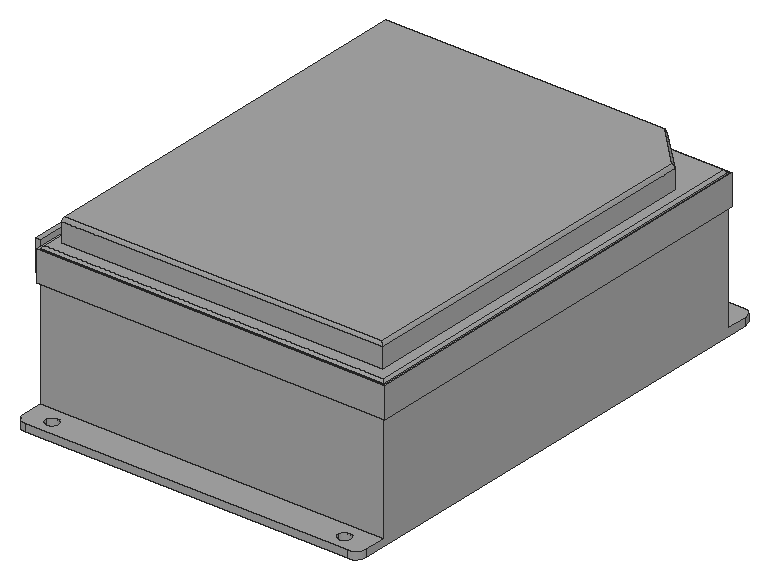
Revit family "WIR-GATEWAY3", category Communication Devices, host Face, Revit 2021
Family settings
  Host = Face
  Maintain Annotation Orientation = No
  Round Connector Dimension = Use Diameter
  Part Type = Normal
  OmniClass Number = 23.85.80.11.27
  OmniClass Title = Lighting Controls
  Cut with Voids When Loaded = No
  Shared = Yes
  Room Calculation Point = No
Parameters (values of type "WIR-GATEWAY3")
  Warranty = "5-Years Warranty"  # constant formula
  Type Comments = "Bluetooth® Radio Controller"  # constant formula
  Product Page URL = ""
  Product Documentation Link = ""
  URL = "https://www.currentlighting.com/nxlightingcontrols"
  Model = "WIR-GATEWAY3"  # constant formula
  Manufacturer = " NX Lighting Controls"  # constant formula
  Features = "Autonomously manages up to 1000 fixture modules (500 recommended)\r\n• Astronomical and fixed time scheduling\r\n• Uses Flash memory storage in order to withstand temperature, shock\r\nand vibrations\r\n• Supports network connectivity via Ethernet connection (Standard)\r\nor optional cellular modem\r\n• Surge protected\r\n• NEMA 4X (IP66) cabinet\r\n• Secure communication using AES-128 encryption\r\n• Optional cabinet heater for extreme cold environments"  # constant formula
  Description = " Control Solutions' wiSCAPE® Gateway G3 (GW3) is a completely autonomous controller used to combine wiSCAPE Fixture Modules into a single wireless network. The GW3 enables communications between wiSCAPE fixture modules and the wiSCAPE Enterprise Central Management Server or the wiSCAPE Expresssoftware application. Although each fixture module is functionally autonomous, the GW3 acts as an access point through which the modules can be managed, monitored and metered. The GW3 then sends the data obtained from the fixture modules to the wiSCAPE Enterprise Central Management Server which collects the data from multiple gateways."  # constant formula
  Default Elevation = 48.00"
  Copyright = "Copyright © NX Lighting Controls"  # constant formula
  Contact Us = ""
  Housing Material = Paint - Machined Aluminum
  Assembly Code = "D5090"
Reference planes (in)
  plane 1 "Center (Front/Back)": y = 13.01342
  plane 2: z = 0
  plane 3 "Center (Left/Right)": x = 0
  plane 4: x = -4
  plane 5: x = 4
  plane 6: y = 8.01342
  plane 7: y = 18.01342
Forms (in)
  Extrusion 1, solid, material "Paint - Machined Aluminum" <- "Housing Material"
    sketch origin (0, 0, 0) x (1, 0, 0) y (0, 1, 0)
      loop
        line (-4, 8.01342) -> (4, 8.01342) -> (4, 18.01342) -> (-4, 18.01342) -> (-4, 8.01342)
    from 0 to 4
  Extrusion 2, void
    sketch origin (0, 0, 0) x (1, 0, 0) y (0, 1, 0)
      loop
        line (-4.25, 18.38842) -> (-4.25, 7.76342) -> (4.25, 7.76342) -> (4.25, 18.38842) -> (-4.25, 18.38842)
      loop
        line (-3.76147, 17.76074) -> (-3.76147, 8.33278) -> (3.70315, 8.33278) -> (3.70315, 16.82767) -> (2.77007, 17.76074) -> (-3.76147, 17.76074)
    from 3.45891 to 4.72793
  Sweep 3, void
    path origin (0, 0, 0) x (1, 0, 0) y (0, 1, 0)
      loop
        line (-3.76147, 17.76074) -> (-3.76147, 8.33278) -> (3.70315, 8.33278) -> (3.70315, 16.82767) -> (2.77007, 17.76074) -> (-3.76147, 17.76074)
    profile origin (-0.4957, 17.76074, 0) x (0, 1, 0) y (0, 0, 1)
      loop
        line (0.00946, 3.83288) -> (0.00946, 4.07587) -> (-0.11443, 4.07587)
        arc (-0.11443, 4.07587) -> (-0.0233, 3.96926) -> (0.00946, 3.83288) r 0.30024
  Extrusion 4, solid, material "Paint - Machined Aluminum" <- "Housing Material"
    sketch origin (0, 0, 0) x (1, 0, 0) y (0, 1, 0)
      loop
        line (-4, 18.01342) -> (4, 18.01342) -> (4, 18.51342)
        arc (4, 18.51342) -> (3.92678, 18.6902) -> (3.75, 18.76342) r 0.25
        line (3.75, 18.76342) -> (-3.75, 18.76342)
        arc (-3.75, 18.76342) -> (-3.92678, 18.6902) -> (-4, 18.51342) r 0.25
        line (-4, 18.51342) -> (-4, 18.01342)
      loop
        circle (-3.39864, 18.41737) r 0.15
      loop
        circle (3.39864, 18.41737) r 0.15
      loop
        line (-4, 8.01342) -> (-4, 7.51342)
        arc (-4, 7.51342) -> (-3.92678, 7.33664) -> (-3.75, 7.26342) r 0.25
        line (-3.75, 7.26342) -> (3.75, 7.26342)
        arc (3.75, 7.26342) -> (3.92678, 7.33664) -> (4, 7.51342) r 0.25
        line (4, 7.51342) -> (4, 8.01342) -> (-4, 8.01342)
      loop
        circle (-3.39864, 7.60947) r 0.15
      loop
        circle (3.39864, 7.60947) r 0.15
    from 0 to 0.16504
  Sweep 5, void
    path origin (0, 0, 0) x (1, 0, 0) y (0, 1, 0)
      loop
        line (-4, 18.01342) -> (-4, 8.01342) -> (4, 8.01342) -> (4, 18.01342) -> (-4, 18.01342)
    profile origin (0, 18.01342, 0) x (0, 1, 0) y (0, 0, 1)
      loop
        arc (-0.20358, 3.52614) -> (-0.02581, 3.42668) -> (0.04473, 3.23557) r 0.29417
        line (0.04473, 3.23557) -> (0.04473, 3.52614) -> (-0.20358, 3.52614)
  Extrusion 6, solid, material "Paint - Machined Aluminum" <- "Housing Material"
    sketch origin (0, 0, 0) x (1, 0, 0) y (0, 1, 0)
      loop
        line (-4.21216, 17.77725) -> (-4.31216, 17.77725) -> (-4.31216, 8.27725) -> (-4.21216, 8.27725) -> (-4.21216, 17.77725)
    from 2.68236 to 3.39149
  Extrusion 7, solid, material "Paint - Machined Aluminum" <- "Housing Material"
    sketch origin (0, 0, 0) x (1, 0, 0) y (0, 1, 0)
      loop
        line (-4.21216, 17.0166) -> (-4.21216, 16.35377) -> (-4, 16.35377) -> (-4, 17.0166) -> (-4.21216, 17.0166)
      loop
        line (-4.21216, 15.5166) -> (-4.21216, 14.85377) -> (-4, 14.85377) -> (-4, 15.5166) -> (-4.21216, 15.5166)
      loop
        line (-4.21216, 14.0166) -> (-4.21216, 13.35377) -> (-4, 13.35377) -> (-4, 14.0166) -> (-4.21216, 14.0166)
      loop
        line (-4.21216, 9.01024) -> (-4, 9.01024) -> (-4, 9.67307) -> (-4.21216, 9.67307) -> (-4.21216, 9.01024)
      loop
        line (-4.21216, 10.51024) -> (-4, 10.51024) -> (-4, 11.17307) -> (-4.21216, 11.17307) -> (-4.21216, 10.51024)
      loop
        line (-4.21216, 12.01024) -> (-4, 12.01024) -> (-4, 12.67307) -> (-4.21216, 12.67307) -> (-4.21216, 12.01024)
    from 3.2778 to 3.39149
  Extrusion 8, solid, material "Paint - Machined Aluminum" <- "Housing Material"
    sketch origin (0, 0, -0.58692) x (1, 0, 0) y (0, 1, 0)
      loop
        line (-4.21216, 17.7666) -> (-4.21216, 17.10377) -> (-4, 17.10377) -> (-4, 17.7666) -> (-4.21216, 17.7666)
      loop
        line (-4.21216, 16.2666) -> (-4.21216, 15.60377) -> (-4, 15.60377) -> (-4, 16.2666) -> (-4.21216, 16.2666)
      loop
        line (-4.21216, 14.7666) -> (-4.21216, 14.10377) -> (-4, 14.10377) -> (-4, 14.7666) -> (-4.21216, 14.7666)
      loop
        line (-4.21216, 9.76024) -> (-4, 9.76024) -> (-4, 10.42307) -> (-4.21216, 10.42307) -> (-4.21216, 9.76024)
      loop
        line (-4.21216, 11.26024) -> (-4, 11.26024) -> (-4, 11.92307) -> (-4.21216, 11.92307) -> (-4.21216, 11.26024)
      loop
        line (-4.21216, 12.76024) -> (-4, 12.76024) -> (-4, 13.42307) -> (-4.21216, 13.42307) -> (-4.21216, 12.76024)
      loop
        line (-4.21216, 8.31617) -> (-4, 8.31617) -> (-4, 8.97899) -> (-4.21216, 8.97899) -> (-4.21216, 8.31617)
    from 3.2778 to 3.39149
  Extrusion 9, solid, material "Paint - Machined Aluminum" <- "Housing Material"
    sketch origin (0, 0, 0) x (1, 0, 0) y (0, 1, 0)
      loop
        line (-4, 18.01342) -> (-4, 8.01342) -> (4, 8.01342) -> (4, 18.01342) -> (-4, 18.01342)
      loop
        line (4.05, 7.96342) -> (4.05, 18.06342) -> (-4.05, 18.06342) -> (-4.05, 7.96342) -> (4.05, 7.96342)
    from 2.68236 to 3.39149
Cuts and joins
  Extrusion 2, Sweep 3, Sweep 5 cuts Extrusion 1
  Sweep 5 cuts Extrusion 4
  joined: Extrusion 1, Extrusion 4
Dimensions and locks (in)
  aligned and locked: plane 2 to host face
  aligned and locked: level to host face
Connectors (in)
  electrical at (0, 13.01342, 0)
    settings: on cut or joined group of Extrusion 1, Extrusion 2, Sweep 3, Extrusion 4, Sweep 5, index 1, voltage 0 V, apparent load 0 VA, apparent load phase1 0 VA, apparent load phase2 0 VA, apparent load phase3 0 VA, power factor 1, load classification "Other", number of poles 1, system type 13, power factor state 1, is connector primary yes, connector utility no, sub classification motor no, connector description ""
